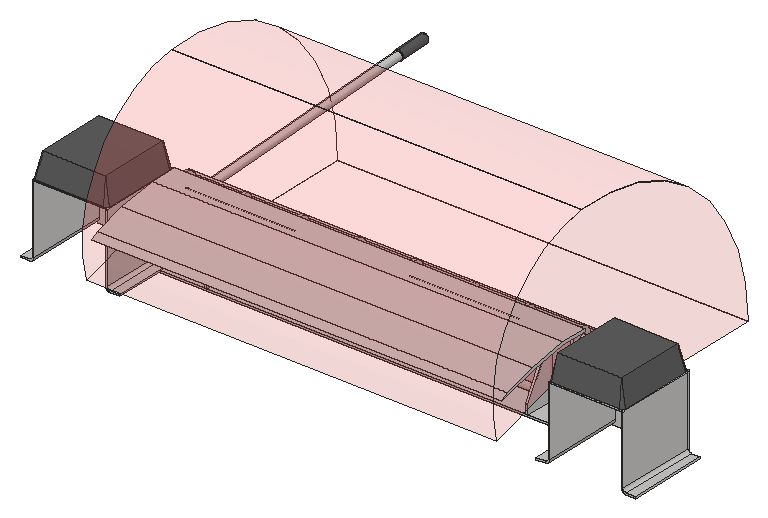
Revit family "Dock-Levelers_OHD_Edge-dock-leveler-REV-B-1", category Specialty Equipment, host Face, Revit 2024
Family settings
  Host = Face
  Round Connector Dimension = Use Diameter
  Part Type = Normal
  OmniClass Number = 23.50.70.14.14
  OmniClass Title = Manual Dock Levelers
  Enable Cutting in Views = No
  Cut with Voids When Loaded = No
  Maintain Annotation Orientation = No
  Shared = No
  Room Calculation Point = No
Parameters (values of type "E66R")
  Width = 5' - 6"
  Version = "2.00.00"  # constant formula
  URL = "https://www.overheaddoor.com/"
  Top Plate Material = Metal - Overhead Door - Steel Checker Plate
  Shaft Angle Real [instance] = if(Shaft Angle < 0.00°, 0.00°, if(Shaft Angle > 90.00°, 90.00°, Shaft Angle))  # 0.00°
  Shaft Angle [instance] = 0.00°
  Product data url = "https://www.bimobject.com/en/overhead-door/product/edge-of-dock-leveler"
  Product Page URL = "https://www.overheaddoor.com/edge-of-dock-leveler"
  Pole Visibility [instance] = yes
  Mount Type [instance] = if(Mount < 2, "Embed", if(Mount = 2, "Formed angle", if(Mount = 3, "Face", "Transition plate")))  # "Face"
  Mount [instance] = 3  # constant formula
  Model = "Edge Dock E66R"
  Manufacturer = "Overhead Door Corporation"  # constant formula
  Main Material = Metal - Overhead Door - Steel
  Lip Type [instance] = if(Lip < 2, "15in (box projection 16in)", "17in (box projection 18in)")  # "15in (box projection 16in)"
  Lip Angle [instance] = 90.00°
  Lip [instance] = 1
  Keynote = "11 13 00"
  Description = "Overhead Door Edge of Dock Leveler"  # constant formula
  Default Elevation = 4' - 0"
  Date Updated = "2026/08/20"  # constant formula
  Date Created = "2023/07/31"  # constant formula
  Clearance [instance] = yes
  Capacity Type [instance] = if(Capacity < 2, "20k", if(Capacity = 2, "25k", "30k"))  # "20k"
  Capacity [instance] = 1
  C-chanel vis [instance] = if(Mount < 2, 1 < 2, 1 > 2)  # no
  Bumper Box Type [instance] = if(Bumper Box < 2, "Rubber Bumper Box", if(Bumper Box = 2, "Laminated Bumper Box", "Steel Faced Bumper Box"))  # "Rubber Bumper Box"
  Bumper Box [instance] = 1
  Assembly Code = "E1010.50"
Reference planes (in)
  plane 1 "Center (Front/Back)": y = 0
  plane 2: z = 0
  plane 3 "Center (Left/Right)": x = 0
  plane 4: x = -33
  plane 5: x = 33
  plane 6: x = -41.50001
  plane 7: x = 41.5
  plane 8: x = 49.50001
  plane 9: x = -49.5
  plane 10: x = -26
  plane 11: x = 26
  plane 12: x = -27.25
  plane 13: x = -16.35
  plane 14: x = -5.45
  plane 15: x = 5.45
  plane 16: x = 16.35
  plane 17: x = 27.25
  plane 18: z = 0.9375
  plane 19: y = -0.375
Forms (in)
  Extrusion 1, solid, material "Metal - Overhead Door - Steel" <- "Main Material", visible <- "C-chanel vis"
    sketch origin (0, 0, 0) x (0, 1, 0) y (0, 0, 1)
      loop
        line (0, 0) -> (-8.01385, 0) -> (-8.01385, -1.5)
        arc (-8.01385, -1.5) -> (-7.90361, -1.48024) -> (-7.84326, -1.38589) r 0.13978
        line (-7.84326, -1.38589) -> (-7.68903, -0.41067)
        arc (-7.68903, -0.41067) -> (-7.62464, -0.29564) -> (-7.50095, -0.25) r 0.19042
        line (-7.50095, -0.25) -> (-0.5129, -0.25)
        arc (-0.5129, -0.25) -> (-0.38922, -0.29564) -> (-0.32482, -0.41067) r 0.19042
        line (-0.32482, -0.41067) -> (-0.17059, -1.38589)
        arc (-0.17059, -1.38589) -> (-0.11024, -1.48024) -> (0, -1.5) r 0.13978
        line (0, -1.5) -> (0, 0)
    from -49.5 to 49.50001
  Extrusion 2, solid, material "Metal - Overhead Door - Steel" <- "Main Material"
    sketch origin (0, 0, 0) x (0, 1, 0) y (0, 0, 1)
      loop
        line (-0.25, 0.3125) -> (-5.5, 0.3125) -> (-5.5, 0) -> (-0.25, 0) -> (-0.25, 0.3125)
    from -33 to 33
  Extrusion 3, solid, material "Metal - Overhead Door - Steel" <- "Main Material"
    sketch origin (0, 0, 0) x (0, 1, 0) y (0, 0, 1)
      loop
        line (-0.75, 8.3125) -> (-1.75, 8.3125) -> (-5.5, 1.8125) -> (-5.5, 0.3125) -> (-1.125, 0.3125) -> (-1.125, 1.93734) -> (-1, 2.15401) -> (-0.75, 2.1875) -> (-0.75, 8.3125)
    from -26 to -25.625
  Extrusion 4, solid, material "Metal - Overhead Door - Steel" <- "Main Material"
    sketch origin (0, 0, 0) x (0, 1, 0) y (0, 0, -1)
      loop
        line (-0.75, -8.3125) -> (-0.75, -2.1875) -> (-1, -2.15401) -> (-1.125, -1.93734) -> (-1.125, -0.3125) -> (-5.5, -0.3125) -> (-5.5, -1.8125) -> (-1.75, -8.3125) -> (-0.75, -8.3125)
    from -26 to -25.625
  Extrusion 5, solid, material "Metal - Overhead Door - Steel" <- "Main Material"
    sketch origin (0, 0, 0) x (0, 1, 0) y (0, 0, 1)
      loop
        circle (-0.375, 0.9375) r 0.62941
    from -33 to 33
  Extrusion 6, void
    sketch origin (0, 0, 0) x (1, 0, 0) y (0, 0, 1)
      loop
        line (-27.25, 0) -> (-16.35, 0) -> (-16.35, 2.84462) -> (-27.25, 2.84462) -> (-27.25, 0)
      loop
        line (-5.45, 0) -> (5.45, 0) -> (5.45, 2.84462) -> (-5.45, 2.84462) -> (-5.45, 0)
      loop
        line (16.35, 0) -> (27.25, 0) -> (27.25, 2.84462) -> (16.35, 2.84462) -> (16.35, 0)
    from -4.87956 to 8.01385
  Extrusion 7, solid, material "Clearance - Overhead Door - Red", visible <- "Clearance"
    sketch origin (0, 0, 0) x (0, 1, 0) y (0, 0, 1)
      loop
        line (-0.99096, 0.55272) -> (30.12015, 0.55272)
        arc (30.12015, 0.55272) -> (20.27848, 23.37712) -> (-3.28207, 31.29621) r 30.49758
        arc (-3.28207, 31.29621) -> (-17.86791, 22.358) -> (-20.39644, 5.43923) r 20.23892
        line (-20.39644, 5.43923) -> (-0.99096, 11.18739) -> (-0.99096, 0.55272)
    from -33 to 33
Cuts and joins
  Extrusion 6 cuts Extrusion 5
Lines and regions (in)
  Masking region 1, visible <- "C-chanel vis"
    outline origin (0, 0, 0) x (1, 0, 0) y (0, 0, 1)
      loop
        line (-49.5, 0) -> (-49.5, -1.5) -> (49.50001, -1.5) -> (49.50001, 0) -> (-49.5, 0)
  Masking region 2
    outline origin (0, 0, 0) x (1, 0, 0) y (0, 0, 1)
      loop
        line (33, 0.3125) -> (-33, 0.3125) -> (-33, 0) -> (33, 0) -> (33, 0.3125)
  Masking region 3
    outline origin (0, 0, 0) x (1, 0, 0) y (0, 0, 1)
      loop
        line (27.25, 1.4437) -> (27.25, 0.3125) -> (33, 0.3125) -> (33, 1.4437) -> (27.25, 1.4437)
      loop
        line (5.45, 1.4437) -> (5.45, 0.30809) -> (16.35, 0.30809) -> (16.35, 1.4437) -> (5.45, 1.4437)
      loop
        line (-16.35, 1.4437) -> (-16.35, 0.30809) -> (-5.45, 0.30809) -> (-5.45, 1.4437) -> (-16.35, 1.4437)
      loop
        line (-33, 1.4437) -> (-33, 0.30809) -> (-27.25, 0.30809) -> (-27.25, 1.4437) -> (-33, 1.4437)
  reference lines
    curve 1: line (0, -0.375, 0.9375) -> (0, -0.375, 18.9375)
Dimensions and locks (in)
  equal spacing: plane 4, plane 3 "Center (Left/Right)", plane 5
  "Width": plane 4 to plane 5
  plane 9 to plane 6 to plane 4 = 0' - 8" locked, 0' - 8 1/2" locked
  plane 5 to plane 7 to plane 8 = 0' - 8 1/2" locked, 0' - 8"
  locked: plane 4 to plane 10 at 7
  locked: plane 10 to Extrusion 3 at 0.375
  locked: plane 11 to Extrusion 4 at 0.375
  locked: plane 11 to plane 5 at 7
  locked: plane 17 to plane 5 at 5.75
  locked: plane 4 to plane 12 at 5.75
  equal spacing: plane 12, plane 13, plane 14, plane 15, plane 16, plane 17
  locked: plane 1 "Center (Front/Back)" to plane 19 at 0.375
  locked: plane 18 to level at 0.9375
  "Shaft Angle Real": angle plane 19 to curve 1
  aligned and locked: host face to plane 2
  aligned and locked: host face to level
  aligned and locked: plane 8 to Extrusion 1
  aligned and locked: plane 9 to Extrusion 1
  aligned and locked: Extrusion 2 to plane 4
  aligned and locked: plane 5 to Extrusion 2
  aligned and locked: plane 10 to Extrusion 3
  aligned and locked: plane 11 to Extrusion 4
  aligned and locked: Extrusion 5 to plane 4
  aligned and locked: plane 5 to Extrusion 5
  aligned and locked: plane 12 to Extrusion 6 sketch curve
  aligned and locked: Extrusion 6 sketch curve to plane 13
  aligned and locked: plane 14 to Extrusion 6 sketch curve
  aligned and locked: Extrusion 6 sketch curve to plane 15
  aligned and locked: plane 16 to Extrusion 6 sketch curve
  aligned and locked: Extrusion 6 sketch curve to plane 17
  aligned and locked: plane 18 to curve 1
  aligned and locked: plane 19 to curve 1
  aligned and locked: nested 1 to curve 1
  aligned and locked: nested 2 to plane 6
  aligned and locked: nested 3 to plane 7
  aligned and locked: Extrusion 7 to plane 4
  aligned and locked: plane 5 to Extrusion 7
  aligned and locked: Masking region 1 sketch curve to Extrusion 1  (x4)
  aligned and locked: Masking region 2 sketch curve to Extrusion 2  (x2)
  aligned and locked: Extrusion 2 to Masking region 2 sketch curve
  aligned and locked: plane 5 to Masking region 2 sketch curve
  aligned and locked: nested 1 to Masking region 3 sketch curve  (x3)
  aligned and locked: Masking region 3 sketch curve to nested 1  (x3)
  aligned and locked: Masking region 3 sketch curve to Extrusion 2  (x2)
  aligned and locked: Masking region 3 sketch curve to plane 15
  aligned and locked: cut or joined group of Extrusion 5, Extrusion 6 to Masking region 3 sketch curve  (x3)
  aligned and locked: Masking region 3 sketch curve to plane 13
  aligned and locked: Masking region 3 sketch curve to Masking region 3 sketch curve
Automatic sketch dimensions
  host sketch curve to host sketch curve = 15' - 7.1098"
  host sketch curve to host sketch curve = 8' - 0"
  Extrusion 1 sketch curve to level = 0' - 0"
  Extrusion 1 sketch curve to plane 1 "Center (Front/Back)" = 0' - 0"
  plane 1 "Center (Front/Back)" to Extrusion 1 sketch curve = 0' - 0.03253"
  Extrusion 1 sketch curve to Extrusion 1 sketch curve = 0' - 0.13806"  (x2)
  plane 1 "Center (Front/Back)" to Extrusion 1 sketch curve = 0' - 0.32482"
  Extrusion 1 sketch curve to Extrusion 1 sketch curve = 0' - 0.18808"  (x2)
  Extrusion 1 sketch curve to level = 0' - 0.44042"
  Extrusion 1 sketch curve to Extrusion 1 sketch curve = 0' - 6.98806"
  Extrusion 1 sketch curve to level = 0' - 0.41067"
  Extrusion 1 sketch curve to level = 0' - 1.38589"
  Extrusion 1 sketch curve to Extrusion 1 sketch curve = 0' - 0.15423"
  Extrusion 1 sketch curve to Extrusion 1 sketch curve = 0' - 0.32482"
  Extrusion 1 sketch curve to Extrusion 1 sketch curve = 0' - 1.13589"
  Extrusion 1 sketch curve to Extrusion 1 sketch curve = 0' - 0.11411"  (x2)
  Extrusion 1 sketch curve to Extrusion 1 sketch curve = 0' - 0.19042"
  Extrusion 2 sketch curve to level = 0' - 0"
  level to Extrusion 2 sketch curve = 0' - 0 5/16"
  plane 1 "Center (Front/Back)" to Extrusion 2 sketch curve = 0' - 5 1/2"
  plane 1 "Center (Front/Back)" to Extrusion 2 sketch curve = 0' - 0 1/4"
  level to Extrusion 3 sketch curve = 0' - 0 5/16"
  plane 1 "Center (Front/Back)" to Extrusion 3 sketch curve = 0' - 5 1/2"
  plane 1 "Center (Front/Back)" to Extrusion 3 sketch curve = 0' - 1 3/4"
  plane 1 "Center (Front/Back)" to Extrusion 3 sketch curve = 0' - 1 1/8"
  Extrusion 3 sketch curve to Extrusion 3 sketch curve = 0' - 0 1/8"
  Extrusion 3 sketch curve to Extrusion 3 sketch curve = 0' - 0 1/4"
  Extrusion 3 sketch curve to Extrusion 3 sketch curve = 0' - 1 1/2"
  Extrusion 3 sketch curve to Extrusion 3 sketch curve = 0' - 1.62484"
  Extrusion 3 sketch curve to Extrusion 3 sketch curve = 0' - 0.21667"
  Extrusion 3 sketch curve to Extrusion 3 sketch curve = 0' - 0.03349"
  Extrusion 3 sketch curve to Extrusion 3 sketch curve = 0' - 6.15849"
  level to Extrusion 4 sketch curve = 0' - 0 5/16"
  plane 1 "Center (Front/Back)" to Extrusion 4 sketch curve = 0' - 5 1/2"
  plane 1 "Center (Front/Back)" to Extrusion 4 sketch curve = 0' - 1 3/4"
  plane 1 "Center (Front/Back)" to Extrusion 4 sketch curve = 0' - 1 1/8"
  Extrusion 4 sketch curve to Extrusion 4 sketch curve = 0' - 0 1/8"
  Extrusion 4 sketch curve to Extrusion 4 sketch curve = 0' - 0 1/4"
  Extrusion 4 sketch curve to Extrusion 4 sketch curve = 0' - 1 1/2"
  Extrusion 4 sketch curve to Extrusion 4 sketch curve = 0' - 1.62484"
  Extrusion 4 sketch curve to Extrusion 4 sketch curve = 0' - 0.21667"
  Extrusion 4 sketch curve to Extrusion 4 sketch curve = 0' - 0.03349"
  Extrusion 4 sketch curve to Extrusion 4 sketch curve = 0' - 6 1/8"
  plane 1 "Center (Front/Back)" to Extrusion 5 sketch curve = 0' - 0 3/8"
  level to Extrusion 5 sketch curve = 0' - 0 15/16"
  Extrusion 6 sketch curve to level = 0' - 0"  (x3)
  level to Extrusion 6 sketch curve = 0' - 2.84462"  (x2)
  Extrusion 6 sketch curve to Extrusion 6 sketch curve = 0' - 2.84462"
  Extrusion 7 sketch curve to plane 18 = 0' - 0"
  Extrusion 7 sketch curve to plane 19 = 0' - 0"
  plane 19 to Extrusion 7 sketch curve = 0' - 0.61596"
  Extrusion 7 sketch curve to Extrusion 7 sketch curve = 0' - 0"  (x2)
  plane 18 to Extrusion 7 sketch curve = 0' - 4.50173"
  plane 19 to Extrusion 7 sketch curve = 1' - 8.02144"
  plane 18 to Extrusion 7 sketch curve = 0' - 10.24989"
  plane 19 to Extrusion 7 sketch curve = 0' - 2.90707"
  Extrusion 7 sketch curve to plane 18 = 0' - 0.38478"
  level to Masking region 3 sketch curve = 0' - 0 5/16"
  level to Masking region 3 sketch curve = 0' - 0.30809"  (x2)
  radius of Extrusion 5 sketch curve = 0' - 0.62941"
Nested families (in)
  nested 1: "Shaft" at (0, -0.375, 0.9375) x (1, 0, 0) z (0, 1, 0), type "Shaft"
    with Real Lip Angle 90.00°, Lip Angle 90.00°
  nested 2: "Bumper Box" at (-41.50001, 0, 0) x (-1, 0, 0) z (0, 1, 0), type "Bumper Box"
  nested 3: "Bumper Box" at (41.5, 0, 0) x (-1, 0, 0) z (0, 1, 0), type "Bumper Box"
Definition of nested family "Shaft"
  Parameters (values of type "Shaft")
    Real Lip Angle = if(Lip Angle < 0.00°, 0.00°, if(Lip Angle > 100.00°, 100.00°, Lip Angle))  # 0.00°
    Pole Vis = yes
    Plate Material = none
    Lip Length = 5' - 6"
    Lip Angle = 0.00°
    Lip = 1
    Hinges Material = none
    Default Elevation = 4' - 0"
    17in = if(Lip < 2, 1 > 2, 1 < 2)  # no
  Reference planes (in)
    plane 1 "Center (Front/Back)": y = 0
    plane 2: z = 0
    plane 3 "Center (Left/Right)": x = 0
    plane 4: x = -33
    plane 5: x = 33
    plane 6: x = -27.25
    plane 7: x = 27.25
    plane 8: x = -16.35
    plane 9: x = -5.45
    plane 10: x = 5.45
    plane 11: x = 16.35
    plane 12: x = -32
    plane 13: x = 32
    plane 14: x = -22.85714
    plane 15: x = -13.71429
    plane 16: x = -4.57143
    plane 17: x = 4.57143
    plane 18: x = 13.71429
    plane 19: x = 22.85714
    plane 20: x = -3.07143
    plane 21: x = 3.57143
    plane 22: y = -11.01221
    plane 23: z = -1.6676
    plane 24: x = -33.5
  Forms (in)
    Extrusion 1, void
      sketch origin (0, 0, 0) x (1, 0, 0) y (0, 1, 0)
        loop
          line (-33, 1.24372) -> (-33, -4.22798) -> (-27.25, -4.22798) -> (-27.25, 1.24372) -> (-33, 1.24372)
        loop
          line (-16.35, 1.24372) -> (-16.35, -3.7449) -> (-5.45, -3.7449) -> (-5.45, 1.24372) -> (-16.35, 1.24372)
        loop
          line (5.45, 1.24372) -> (5.45, -3.5889) -> (16.35, -3.5889) -> (16.35, 1.24372) -> (5.45, 1.24372)
        loop
          line (27.25, 1.24372) -> (27.25, -3.54878) -> (33, -3.54878) -> (33, 1.24372) -> (27.25, 1.24372)
      from -2.80431 to 2.84425
    Extrusion 2, solid, material <- "Hinges Material"
      sketch origin (0, 0, 0) x (0, 1, 0) y (0, 0, 1)
        loop
          circle (0, 0) r 0.6327
      from -33 to 33
    Extrusion 3, solid, material <- "Hinges Material"
      sketch origin (0, -0.76232, -1.05164) x (0, 1, 0) y (0, 0, 1)
        loop
          circle (-10.24989, -0.61596) r 0.63063
      from -33 to -3.07143
    Extrusion 4, solid, material <- "Plate Material"
      sketch origin (0, 0, 0) x (0, 1, 0) y (0, 0, 1)
        loop
          line (-0.5062, 0.38478) -> (-11.62469, 0.38478) -> (-11.62471, 0.00449) -> (-0.5062, 0.00449) -> (-0.5062, 0.38478)
      from -33 to 33
    Extrusion 5, solid, material <- "Hinges Material"
      sketch origin (0, 0, 0) x (0, 1, 0) y (0, 0, 1)
        loop
          line (-5.12488, 0.00848) -> (-8.87478, 0.00848) -> (-8.87503, -3.99028) -> (-7.47633, -6.9903) -> (-5.1253, -6.78476) -> (-5.12488, 0.00848)
      from -33 to -32.74901
    Extrusion 6, solid, material <- "Hinges Material"
      sketch origin (0, 0, 0) x (1, 0, 0) y (0, 1, 0)
        loop
          line (-33, -5.9198) -> (-34.25, -5.9198) -> (-34.25, -7.61259) -> (-33, -7.61259) -> (-33, -7.36259) -> (-34, -7.36259) -> (-34, -6.1698) -> (-33, -6.1698) -> (-33, -5.9198)
      from -6.64965 to 0
    Extrusion 7, solid, material <- "Hinges Material"
      sketch origin (0, 0, 0.32812) x (0, 1, 0) y (0, 0, 1)
        loop
          arc (-11.01221, -0.32791) -> (-12.62515, -2.42002) -> (-10.19154, -3.44766) r 1.66781
          line (-10.19154, -3.44766) -> (-5.76221, -0.94408) -> (-5.76221, -0.32791) -> (-11.01221, -0.32791)
      from -32 to -31.5
    Extrusion 8, solid, material <- "Hinges Material"
      sketch origin (9.14286, 0.00601, 0.32812) x (0, 1, 0) y (0, 0, 1)
        loop
          arc (-11.01221, -0.32791) -> (-12.62515, -2.42002) -> (-10.19154, -3.44766) r 1.66781
          line (-10.19154, -3.44766) -> (-5.76221, -0.94408) -> (-5.76221, -0.32791) -> (-11.01221, -0.32791)
      from -32 to -31.5
    Extrusion 9, solid, material <- "Hinges Material"
      sketch origin (18.28571, 0.00601, 0.32812) x (0, 1, 0) y (0, 0, 1)
        loop
          arc (-11.01221, -0.32791) -> (-12.62515, -2.42002) -> (-10.19154, -3.44766) r 1.66781
          line (-10.19154, -3.44766) -> (-5.76221, -0.94408) -> (-5.76221, -0.32791) -> (-11.01221, -0.32791)
      from -32 to -31.5
    Extrusion 10, solid, material <- "Hinges Material"
      sketch origin (27.42857, 0.00601, 0.32812) x (0, 1, 0) y (0, 0, 1)
        loop
          arc (-11.01221, -0.32791) -> (-12.62515, -2.42002) -> (-10.19154, -3.44766) r 1.66781
          line (-10.19154, -3.44766) -> (-5.76221, -0.94408) -> (-5.76221, -0.32791) -> (-11.01221, -0.32791)
      from -32 to -31.5
    Extrusion 11, solid, material <- "Hinges Material"
      sketch origin (36.57143, 0.00601, 0.32812) x (0, 1, 0) y (0, 0, 1)
        loop
          arc (-11.01221, -0.32791) -> (-12.62515, -2.42002) -> (-10.19154, -3.44766) r 1.66781
          line (-10.19154, -3.44766) -> (-5.76221, -0.94408) -> (-5.76221, -0.32791) -> (-11.01221, -0.32791)
      from -32 to -31.5
    Extrusion 12, solid, material <- "Hinges Material"
      sketch origin (45.71429, 0.00601, 0.32812) x (0, 1, 0) y (0, 0, 1)
        loop
          arc (-11.01221, -0.32791) -> (-12.62515, -2.42002) -> (-10.19154, -3.44766) r 1.66781
          line (-10.19154, -3.44766) -> (-5.76221, -0.94408) -> (-5.76221, -0.32791) -> (-11.01221, -0.32791)
      from -32 to -31.5
    Extrusion 13, solid, material <- "Hinges Material"
      sketch origin (54.85714, 0.00601, 0.32812) x (0, 1, 0) y (0, 0, 1)
        loop
          arc (-11.01221, -0.32791) -> (-12.62515, -2.42002) -> (-10.19154, -3.44766) r 1.66781
          line (-10.19154, -3.44766) -> (-5.76221, -0.94408) -> (-5.76221, -0.32791) -> (-11.01221, -0.32791)
      from -32 to -31.5
    Extrusion 14, solid, material <- "Hinges Material"
      sketch origin (63.5, 0.00601, 0.32812) x (0, 1, 0) y (0, 0, 1)
        loop
          arc (-11.01221, -0.32791) -> (-12.62515, -2.42002) -> (-10.19154, -3.44766) r 1.66781
          line (-10.19154, -3.44766) -> (-5.76221, -0.94408) -> (-5.76221, -0.32791) -> (-11.01221, -0.32791)
      from -32 to -31.5
    Extrusion 15, solid, material <- "Hinges Material"
      sketch origin (35.82143, -0.76232, -1.05164) x (0, 1, 0) y (0, 0, 1)
        loop
          circle (-10.24989, -0.61596) r 0.63063
      from -32.25 to -2.82143
    Revolve 16, solid, material <- "Hinges Material", visible <- "Pole Vis"
      sketch origin (-33.5, -180.03125, 0) x (0, 0, 1) y (0, -1, 0)
        loop
          line (-6.64053, -173.60916) -> (48.34851, -170.72731) -> (48.3124, -170.03833)
          arc (48.3124, -170.03833) -> (48.2918, -169.99516) -> (48.24671, -169.97919) r 0.0625
          line (48.24671, -169.97919) -> (43.25356, -170.24087)
          arc (43.25356, -170.24087) -> (43.21039, -170.26146) -> (43.19442, -170.30655) r 0.0625
          line (43.19442, -170.30655) -> (43.19782, -170.37139) -> (-6.67324, -172.98502) -> (-6.64053, -173.60916)
        axis (-6.64053, -173.60916) -> (48.34851, -170.72731)
      angle from 0 to 360
  Cuts and joins
    Extrusion 1 cuts Extrusion 2
    Extrusion 1 cuts Extrusion 3
  Lines and regions (in)
    Masking region 1
      outline origin (0, 0, 0) x (1, 0, 0) y (0, 1, 0)
        loop
          line (-33, -0.5062) -> (-33, -11.62471) -> (33, -11.62471) -> (33, -0.5062) -> (27.25, -0.5062) -> (27.25, 0.6327) -> (16.35, 0.6327) -> (16.35, -0.5062) -> (5.45, -0.5062) -> (5.45, 0.6327) -> (-5.45, 0.6327) -> (-5.45, -0.5062) -> (-16.35, -0.5062) -> (-16.35, 0.6327) -> (-27.25, 0.6327) -> (-27.25, -0.5062) -> (-33, -0.5062)
    Masking region 2
      outline origin (0, 0, 0) x (1, 0, 0) y (0, 1, 0)
        loop
          line (-33, -5.9198) -> (-34.25, -5.9198) -> (-34.25, -7.61259) -> (-33, -7.61259) -> (-33, -7.36259) -> (-34, -7.36259) -> (-34, -6.1698) -> (-33, -6.1698) -> (-33, -5.9198)
    Masking region 3, visible <- "Pole Vis"
      outline origin (-33.5, 0, 0) x (0, -1, 0) y (1, 0, 0)
        loop
          arc (9.03718, 0.74855) -> (8.82209, 0.71705) -> (8.62506, 0.62519) r 0.75008
          line (8.62506, 0.62519) -> (7.9604, 0.62519) -> (6.1698, 0.5) -> (5.91932, 0.5) -> (5.91932, 0.3703)
          spline (5.91932, 0.3703) -> (5.88313, 0.31504) -> (5.85296, 0.25627) -> (5.82916, 0.19464) -> (5.81198, 0.13084) -> (5.80162, 0.06557) -> (5.79819, -0.00043) -> (5.80174, -0.06642) -> (5.81222, -0.13166) -> (5.82952, -0.19543) -> (5.85344, -0.25702) -> (5.88371, -0.31574) -> (5.92, -0.37092)
          line (5.92, -0.37092) -> (5.92, -0.75) -> (7.61259, -0.75) -> (7.61259, -0.625) -> (8.62016, -0.625)
          arc (8.62016, -0.625) -> (8.81927, -0.71927) -> (9.03718, -0.75162) r 0.75
          line (9.03718, -0.75162) -> (9.29191, -0.75162)
          arc (9.29191, -0.75162) -> (10.04191, -0.00162) -> (9.29191, 0.74838) r 0.75
        loop
          line (9.29191, 0.75162) -> (9.03718, 0.75162)
    symbolic lines
      curve 1: line (-27.25, -0.5062, 0) -> (27.25, -0.5062, 0)
    reference lines
      curve 2: line (0, -11.01221, -1.6676) -> (0, -33.26221, -1.6676)
      curve 3: line (-33.5, 0, 0) -> (-33.5, -1.5, 0)
    symbolic lines, visible <- "Pole Vis"
      curve 4: arc (-32.75029, -9.28116, 0) -> (-33.50029, -8.53116, 0) -> (-34.25029, -9.28116, 0) r 0.75
      curve 5: arc (-32.75029, -9.02644, 0) -> (-33.50029, -8.27644, 0) -> (-34.25029, -9.02644, 0) r 0.75
      curve 6: arc (-33.87216, -5.92, 0) -> (-33.50048, -5.79707, 0) -> (-33.12857, -5.91932, 0) r 0.62509
      curve 7: line (-33, -6.1698, 0) -> (-34.125, -6.1698, 0)
      curve 8: line (-34.125, -6.1698, 0) -> (-34.125, -7.61259, 0)
      curve 9: arc (-34.125, -6.4198, 0) -> (-34.0929, -6.2796, 0) -> (-34, -6.1698, 0) r 0.30429
      curve 10: line (-33, -5.9198, 0) -> (-33, -6.1698, 0)
  Dimensions and locks (in)
    equal spacing: plane 4, plane 3 "Center (Left/Right)", plane 5
    "Lip Length": plane 4 to plane 5
    locked: plane 4 to plane 6 at 5.75
    locked: plane 7 to plane 5 at 5.75
    equal spacing: plane 6, plane 8, plane 9, plane 10, plane 11, plane 7
    locked: plane 4 to Extrusion 5 at 0.25099
    locked: Extrusion 6 sketch curve to plane 4 at 1.25
    locked: Extrusion 6 sketch curve to Extrusion 6 sketch curve at 0.25
    locked: plane 4 to plane 12 at 1
    locked: plane 13 to plane 5 at 1
    equal spacing: plane 12, plane 14, plane 15, plane 16, plane 17, plane 18, plane 19, plane 13
    locked: plane 12 to Extrusion 7 at 0.5
    locked: Extrusion 14 to plane 13 at 0.5
    locked: plane 19 to Extrusion 13 at 0.5
    locked: plane 18 to Extrusion 12 at 0.5
    locked: plane 17 to Extrusion 11 at 0.5
    locked: plane 16 to Extrusion 10 at 0.5
    locked: plane 15 to Extrusion 9 at 0.5
    locked: plane 14 to Extrusion 8 at 0.5
    locked: plane 16 to plane 20 at 1.5
    locked: plane 21 to plane 17 at 1
    locked: plane 4 to plane 24 at 0.5
    locked: curve 3 to curve 3 at 1.5
    "Real Lip Angle": angle curve 2 to plane 23
    aligned and locked: plane 2 to level
    aligned and locked: Extrusion 4 to plane 4
    aligned and locked: plane 5 to Extrusion 4
    aligned and locked: Extrusion 3 to plane 4
    aligned and locked: plane 5 to Extrusion 2
    aligned and locked: Extrusion 2 to plane 4
    aligned and locked: plane 4 to Extrusion 1 sketch curve
    aligned and locked: Extrusion 1 sketch curve to plane 6
    aligned and locked: plane 8 to Extrusion 1 sketch curve
    aligned and locked: Extrusion 1 sketch curve to plane 9
    aligned and locked: Extrusion 1 sketch curve to plane 5
    aligned and locked: plane 7 to Extrusion 1 sketch curve
    aligned and locked: Masking region 1 sketch curve to Extrusion 4  (x3)
    aligned and locked: cut or joined group of Extrusion 1, Extrusion 2 to Masking region 1 sketch curve  (x3)
    aligned and locked: Masking region 1 sketch curve to cut or joined group of Extrusion 1, Extrusion 2  (x3)
    aligned and locked: Extrusion 5 to plane 4
    aligned and locked: Extrusion 6 sketch curve to plane 4  (x2)
    aligned and locked: level to Extrusion 6
    aligned and locked: Masking region 2 sketch curve to Extrusion 6  (x8)
    aligned and locked: nested 1 to curve 2
    aligned and locked: Extrusion 7 to plane 12
    aligned and locked: Extrusion 8 to plane 14
    aligned and locked: Extrusion 9 to plane 15
    aligned and locked: Extrusion 10 to plane 16
    aligned and locked: Extrusion 11 to plane 17
    aligned and locked: Extrusion 12 to plane 18
    aligned and locked: Extrusion 13 to plane 19
    aligned and locked: plane 13 to Extrusion 14
    aligned and locked: Extrusion 3 to plane 20
    aligned and locked: plane 21 to Extrusion 15
    aligned and locked: plane 5 to Extrusion 15
    aligned and locked: plane 22 to curve 2
    aligned and locked: plane 23 to curve 2
    aligned and locked: plane 1 "Center (Front/Back)" to curve 3
    aligned and locked: curve 3 to plane 24
  Automatic sketch dimensions
    Extrusion 1 sketch curve to plane 10 = 0' - 0"
    Extrusion 1 sketch curve to plane 11 = 0' - 0"
    plane 1 "Center (Front/Back)" to Extrusion 1 sketch curve = 0' - 3.54878"
    plane 1 "Center (Front/Back)" to Extrusion 1 sketch curve = 0' - 4.22798"
    plane 1 "Center (Front/Back)" to Extrusion 1 sketch curve = 0' - 3.5889"
    plane 1 "Center (Front/Back)" to Extrusion 1 sketch curve = 0' - 3.7449"
    Extrusion 1 sketch curve to plane 1 "Center (Front/Back)" = 0' - 1.24372"  (x4)
    Extrusion 6 sketch curve to Extrusion 6 sketch curve = 0' - 0 1/4"  (x2)
    Extrusion 6 sketch curve to Extrusion 6 sketch curve = 0' - 1.19279"
    plane 1 "Center (Front/Back)" to Extrusion 6 sketch curve = 0' - 7.61259"
    Extrusion 3 sketch curve to plane 22 = 0' - 0"
    Extrusion 3 sketch curve to plane 23 = 0' - 0"
    Extrusion 15 sketch curve to plane 22 = 0' - 0"
    Extrusion 15 sketch curve to plane 23 = 0' - 0"
    curve 1 to plane 6 = 0' - 0"
    curve 1 to plane 7 = 0' - 0"
    plane 1 "Center (Front/Back)" to curve 1 = 0' - 0.5062"
    Extrusion 2 sketch curve to level = 0' - 0"
    Extrusion 2 sketch curve to plane 1 "Center (Front/Back)" = 0' - 0"
    level to Extrusion 4 sketch curve = 0' - 0.00449"
    plane 22 to Extrusion 4 sketch curve = 0' - 0.6125"
    Extrusion 4 sketch curve to Extrusion 4 sketch curve = 0' - 0.00002"
    plane 1 "Center (Front/Back)" to Extrusion 4 sketch curve = 0' - 0.5062"
    Extrusion 4 sketch curve to Extrusion 4 sketch curve = 0' - 0.38028"
    plane 22 to Masking region 1 sketch curve = 0' - 0.6125"
    plane 1 "Center (Front/Back)" to Masking region 1 sketch curve = 0' - 0.5062"  (x3)
    Masking region 1 sketch curve to plane 1 "Center (Front/Back)" = 0' - 0.6327"  (x3)
    Extrusion 5 sketch curve to plane 22 = 0' - 2.13718"
    level to Extrusion 5 sketch curve = 0' - 0.00848"
    Extrusion 5 sketch curve to plane 22 = 0' - 2.13743"
    Extrusion 5 sketch curve to Extrusion 5 sketch curve = 0' - 1.3987"
    Extrusion 5 sketch curve to Extrusion 5 sketch curve = 0' - 2.35103"
    Extrusion 5 sketch curve to Extrusion 5 sketch curve = 0' - 3.74991"
    Extrusion 5 sketch curve to plane 23 = 0' - 2.32268"
    Extrusion 5 sketch curve to Extrusion 5 sketch curve = 0' - 2.79448"
    Extrusion 5 sketch curve to Extrusion 5 sketch curve = 0' - 0.20554"
    Extrusion 7 sketch curve to plane 22 = 0' - 0"
    Extrusion 7 sketch curve to plane 23 = 0' - 0"
    Extrusion 7 sketch curve to plane 22 = 0' - 0.82067"
    Extrusion 7 sketch curve to level = 0' - 0.61596"
    Extrusion 7 sketch curve to Extrusion 7 sketch curve = 0' - 4.42933"
    Extrusion 7 sketch curve to plane 23 = 0' - 1.45193"
    Extrusion 8 sketch curve to plane 23 = 0' - 0"
    level to Extrusion 8 sketch curve = 0' - 0.00021"
    Extrusion 8 sketch curve to plane 22 = 0' - 0.00601"
    Extrusion 8 sketch curve to plane 22 = 0' - 0.82668"
    Extrusion 8 sketch curve to level = 0' - 0.61596"
    Extrusion 8 sketch curve to Extrusion 8 sketch curve = 0' - 4.42933"
    Extrusion 9 sketch curve to plane 23 = 0' - 0"
    level to Extrusion 9 sketch curve = 0' - 0.00021"
    Extrusion 9 sketch curve to plane 22 = 0' - 0.00601"
    Extrusion 9 sketch curve to plane 22 = 0' - 0.82668"
    Extrusion 9 sketch curve to level = 0' - 0.61596"
    Extrusion 9 sketch curve to Extrusion 9 sketch curve = 0' - 4.42933"
    Extrusion 10 sketch curve to plane 23 = 0' - 0"
    level to Extrusion 10 sketch curve = 0' - 0.00021"
    Extrusion 10 sketch curve to plane 22 = 0' - 0.00601"
    Extrusion 10 sketch curve to plane 22 = 0' - 0.82668"
    Extrusion 10 sketch curve to level = 0' - 0.61596"
    Extrusion 10 sketch curve to Extrusion 10 sketch curve = 0' - 4.42933"
    Extrusion 11 sketch curve to plane 23 = 0' - 0"
    level to Extrusion 11 sketch curve = 0' - 0.00021"
    Extrusion 11 sketch curve to plane 22 = 0' - 0.00601"
    Extrusion 11 sketch curve to plane 22 = 0' - 0.82668"
    Extrusion 11 sketch curve to level = 0' - 0.61596"
    Extrusion 11 sketch curve to Extrusion 11 sketch curve = 0' - 4.42933"
    Extrusion 12 sketch curve to plane 23 = 0' - 0"
    level to Extrusion 12 sketch curve = 0' - 0.00021"
    Extrusion 12 sketch curve to plane 22 = 0' - 0.00601"
    Extrusion 12 sketch curve to plane 22 = 0' - 0.82668"
    Extrusion 12 sketch curve to level = 0' - 0.61596"
    Extrusion 12 sketch curve to Extrusion 12 sketch curve = 0' - 4.42933"
    Extrusion 13 sketch curve to plane 23 = 0' - 0"
    level to Extrusion 13 sketch curve = 0' - 0.00021"
    Extrusion 13 sketch curve to plane 22 = 0' - 0.00601"
    Extrusion 13 sketch curve to plane 22 = 0' - 0.82668"
    Extrusion 13 sketch curve to level = 0' - 0.61596"
    Extrusion 13 sketch curve to Extrusion 13 sketch curve = 0' - 4.42933"
    Extrusion 14 sketch curve to plane 23 = 0' - 0"
    level to Extrusion 14 sketch curve = 0' - 0.00021"
    Extrusion 14 sketch curve to plane 22 = 0' - 0.00601"
    Extrusion 14 sketch curve to plane 22 = 0' - 0.82668"
    Extrusion 14 sketch curve to level = 0' - 0.61596"
    Extrusion 14 sketch curve to Extrusion 14 sketch curve = 0' - 4.42933"
    Revolve 16 sketch curve to plane 23 = 0' - 5.00564"
    Revolve 16 sketch curve to plane 22 = 0' - 4.59012"
    Revolve 16 sketch curve to Revolve 16 sketch curve = 0' - 0.03271"
    Revolve 16 sketch curve to plane 22 = 0' - 1.28751"
    level to Revolve 16 sketch curve = 3' - 7.19442"
    Revolve 16 sketch curve to plane 22 = 0' - 1.35235"
    Revolve 16 sketch curve to plane 22 = 0' - 1.22183"
    Revolve 16 sketch curve to Revolve 16 sketch curve = 0' - 0.05914"
    Revolve 16 sketch curve to Revolve 16 sketch curve = 0' - 0.00327"  (x2)
    Revolve 16 sketch curve to plane 22 = 0' - 0.96015"
    Revolve 16 sketch curve to Revolve 16 sketch curve = 0' - 4.99315"
    Revolve 16 sketch curve to plane 22 = 0' - 1.01929"
    Revolve 16 sketch curve to Revolve 16 sketch curve = 0' - 0.06241"
    Revolve 16 sketch curve to Revolve 16 sketch curve = 0' - 0"  (x2)
    Revolve 16 sketch curve to plane 22 = 0' - 1.70985"
    Revolve 16 sketch curve to Revolve 16 sketch curve = 0' - 0.03004"
    curve 3 to curve 7 = 0' - 0 5/8"
    curve 3 to curve 7 = 0' - 4.6698"
    curve 9 to curve 9 = 0' - 0.24588"
    curve 6 to curve 3 = 0' - 0.00009"
    curve 9 to curve 9 = 0' - 0.30426"
    curve 6 to curve 9 = 0' - 0.2498"
    curve 6 to curve 10 = 0' - 0.00049"
    curve 7 to curve 9 = 0' - 0 1/4"
    curve 9 to curve 8 = 0' - 1.19279"
    curve 9 to curve 6 = 0' - 0.12784"
    curve 3 to curve 5 = 0' - 0.00029"
    curve 8 to curve 5 = 0' - 1.41385"
    curve 3 to curve 4 = 0' - 0.00029"
    curve 5 to curve 4 = 0' - 0.25473"
    curve 5 to curve 5 = 0' - 0 3/4"
    curve 4 to curve 5 = 0' - 0"
    Masking region 3 sketch curve to curve 3 = 0' - 0 1/2"
    curve 3 to Masking region 3 sketch curve = 0' - 4.41932"
    curve 3 to Masking region 3 sketch curve = 0' - 0.37092"
    Masking region 3 sketch curve to Masking region 3 sketch curve = 0' - 0.00068"
    curve 3 to Masking region 3 sketch curve = 0' - 0 5/8"
    Masking region 3 sketch curve to Masking region 3 sketch curve = 0' - 1.69259"
    Masking region 3 sketch curve to curve 3 = 0' - 0.62519"
    Masking region 3 sketch curve to Masking region 3 sketch curve = 0' - 0.34781"
    Masking region 3 sketch curve to Masking region 3 sketch curve = 0' - 1.00757"
    Masking region 3 sketch curve to Masking region 3 sketch curve = 0' - 0.66466"
    curve 3 to Masking region 3 sketch curve = 0' - 0.00162"  (x2)
    Masking region 3 sketch curve to Masking region 3 sketch curve = 0' - 0.41702"
    Masking region 3 sketch curve to Masking region 3 sketch curve = 0' - 0"  (x3)
    Masking region 3 sketch curve to Masking region 3 sketch curve = 0' - 0.25473"
    Masking region 3 sketch curve to Masking region 3 sketch curve = 0' - 0 1/8"
    Masking region 3 sketch curve to Masking region 3 sketch curve = 0' - 0.00009"
    Masking region 3 sketch curve to Masking region 3 sketch curve = 0' - 0.1297"
    Masking region 3 sketch curve to Masking region 3 sketch curve = 0' - 0.25049"
    Masking region 3 sketch curve to Masking region 3 sketch curve = 0' - 0.50222"
    Masking region 3 sketch curve to Masking region 3 sketch curve = 0' - 0.12497"
    Masking region 3 sketch curve to Masking region 3 sketch curve = 0' - 0.00307"
    curve 9 to curve 6 = 0' - 0.00648"
    curve 7 to curve 3 = 0' - 0 1/2"
    curve 10 to curve 7 = 0' - 0 1/4"
    radius of Extrusion 3 sketch curve = 0' - 0.63063"
    radius of Extrusion 15 sketch curve = 0' - 0.63063"
    radius of Extrusion 2 sketch curve = 0' - 0.6327"
  Nested families (in)
    nested 1: "Lip" at (0, -10.24772, -1.6676), type "Lip"
  Definition of nested family "Lip"
    Parameters (values of type "Lip")
      Lip Material = none
      Lip Length = 5' - 6"
      Lip Depth = 1' 6 61/256" + if([17in], 0' 2", 0' 0")  # 1' - 6 61/256"
      Hinges Material = none
      Default Elevation = 4' - 0"
      17in = no
    Reference planes (in)
      plane 1 "Center (Front/Back)": y = 0
      plane 2: z = 0
      plane 3 "Center (Left/Right)": x = 0
      plane 4: x = -33
      plane 5: x = 33
      plane 6: x = -4.5
      plane 7: x = 4.5
      plane 8: y = -18.23828
      plane 9: y = -5.80759
      plane 10: x = -31.5
      plane 11: x = 31.5
      plane 12: x = 22.5
      plane 13: x = 13.5
      plane 14: x = 4.5
      plane 15: x = -4.5
      plane 16: x = -13.5
      plane 17: x = -22.5
      plane 18: y = -0.76449
    Forms (in)
      Extrusion 1, solid, material <- "Lip Material"
        sketch origin (0, 0, 1.05337) x (0, 1, 0) y (0, 0, 1)
          loop
            line (-1.4249, 0.99989) -> (-5.95878, 0.99969) -> (-12.01483, -0.07798) -> (-17.00139, -1.41444) -> (-18.12204, -2.06154) -> (-17.12967, -1.83683) -> (-11.83144, -0.41685) -> (-5.89999, 0.62895) -> (-1.4255, 0.51067) -> (-1.4249, 0.99989)
        from -33 to 33
      Extrusion 2, solid, material <- "Hinges Material"
        sketch origin (0, 0.11719, 1.05337) x (0, 1, 0) y (0, 0, 1)
          loop
            circle (-0.88168, -1.05337) r 0.63273
        from -31.5 to 31.5
      Extrusion 3, solid, material <- "Hinges Material"
        sketch origin (0, 0, 1.05337) x (0, 1, 0) y (0, 0, 1)
          loop
            line (-1.42535, 0.62933) -> (-3.11244, 0.62426) -> (-3.11094, 0.12426) -> (-1.61095, 0.12877) -> (-1.28099, -0.6879)
            arc (-1.28099, -0.6879) -> (-0.97154, -0.45548) -> (-0.58463, -0.44675) r 0.63273
            line (-0.58463, -0.44675) -> (-1.42535, 0.62933)
        from -31.5 to 31.5
      Extrusion 4, void
        sketch origin (0, 0, 0) x (1, 0, 0) y (0, 1, 0)
          loop
            line (-4.5, 1.24372) -> (-4.5, -1.4255) -> (4.5, -1.4255) -> (4.5, 1.24372) -> (-4.5, 1.24372)
        from -2.06154 to 2.84425
    Cuts and joins
      Extrusion 4 cuts Extrusion 2
      Extrusion 4 cuts Extrusion 3
      joined: Extrusion 2, Extrusion 3
    Lines and regions (in)
      Masking region 1
        outline origin (0, 0, 0) x (1, 0, 0) y (0, 1, 0)
          loop
            line (-33, 0.63273) -> (-33, -18.12204) -> (33, -18.12204) -> (33, 0.63273) -> (25.25679, 0.63273) -> (2.92515, 0.63273) -> (-25.31208, 0.63273) -> (-33, 0.63273)
      symbolic lines
        curve 1: line (-33, -1.30275, 0) -> (33, -1.30275, 0)
        curve 2: line (-33, -5.79173, 0) -> (33, -5.79173, 0)
        curve 3: line (33, -11.80274, 0) -> (-33, -11.80274, 0)
        curve 4: line (-33, -17.05231, 0) -> (33, -17.05231, 0)
    Dimensions and locks (in)
      equal spacing: plane 4, plane 3 "Center (Left/Right)", plane 5
      "Lip Length": plane 4 to plane 5
      "Lip Depth": plane 1 "Center (Front/Back)" to plane 8
      locked: plane 9 to plane 8 at 12.43069
      Extrusion 1 sketch curve to Extrusion 1 sketch curve to plane 8 = 0' - 4.98656", 0' - 1.23689"
      locked: plane 4 to plane 10 at 1.5
      locked: plane 11 to plane 5 at 1.5
      equal spacing: plane 10, plane 17, plane 16, plane 15, plane 14, plane 13, plane 12, plane 11
      locked: Extrusion 1 sketch curve to plane 1 "Center (Front/Back)" (angle 90.0025°)
      aligned and locked: plane 2 to level
      aligned and locked: plane 5 to Extrusion 1
      aligned and locked: Extrusion 1 to plane 4
      aligned and locked: plane 6 to Extrusion 4 sketch curve
      aligned and locked: Extrusion 4 sketch curve to plane 7
      aligned and locked: Masking region 1 sketch curve to Extrusion 1  (x3)
      aligned and locked: Masking region 1 sketch curve to Masking region 1 sketch curve  (x2)
      aligned and locked: cut or joined group of Extrusion 2, Extrusion 3, Extrusion 4 to plane 10  (x2)
      aligned and locked: plane 11 to cut or joined group of Extrusion 2, Extrusion 3, Extrusion 4  (x2)
      aligned and locked: plane 6 to plane 15
      aligned and locked: plane 7 to plane 14
    Automatic sketch dimensions
      Extrusion 2 sketch curve to level = 0' - 0"
      plane 1 "Center (Front/Back)" to Extrusion 2 sketch curve = 0' - 0.76449"
      Masking region 1 sketch curve to plane 1 "Center (Front/Back)" = 0' - 0.63273"
      curve 4 to plane 4 = 0' - 0"
      curve 2 to plane 4 = 0' - 0"
      curve 3 to plane 4 = 0' - 0"
      curve 1 to plane 4 = 0' - 0"
      curve 3 to plane 5 = 0' - 0"
      curve 2 to plane 5 = 0' - 0"
      curve 4 to plane 5 = 0' - 0"
      curve 1 to plane 5 = 0' - 0"
      plane 1 "Center (Front/Back)" to curve 4 = 1' - 5.05231"
      curve 4 to curve 3 = 0' - 5.24958"
      plane 1 "Center (Front/Back)" to curve 2 = 0' - 5.79173"
      plane 1 "Center (Front/Back)" to curve 1 = 0' - 1.30275"
      Extrusion 1 sketch curve to Extrusion 1 sketch curve = 0' - 0.12828"
      plane 8 to Extrusion 1 sketch curve = 0' - 0.11624"
      level to Extrusion 1 sketch curve = 0' - 0.63651"
      Extrusion 1 sketch curve to Extrusion 1 sketch curve = 0' - 0.18339"
      plane 9 to Extrusion 1 sketch curve = 0' - 0.15118"
      plane 9 to Extrusion 1 sketch curve = 0' - 0.0924"
      level to Extrusion 1 sketch curve = 0' - 1.56404"
      plane 1 "Center (Front/Back)" to Extrusion 1 sketch curve = 0' - 1.4255"
      Extrusion 1 sketch curve to Extrusion 1 sketch curve = 0' - 0.0006"
      Extrusion 1 sketch curve to level = 0' - 0.36107"
      Extrusion 1 sketch curve to Extrusion 1 sketch curve = 0' - 0.42239"
      Extrusion 1 sketch curve to Extrusion 1 sketch curve = 0' - 0.22471"
      level to Extrusion 1 sketch curve = 0' - 0.97539"
      level to Extrusion 1 sketch curve = 0' - 1.68232"
      Extrusion 1 sketch curve to Extrusion 1 sketch curve = 0' - 0.37075"
      level to Extrusion 3 sketch curve = 0' - 1.18214"
      level to Extrusion 3 sketch curve = 0' - 1.17763"
      level to Extrusion 3 sketch curve = 0' - 1.67763"
      level to Extrusion 3 sketch curve = 0' - 1.6827"
      Extrusion 3 sketch curve to Extrusion 3 sketch curve = 0' - 0.18559"
      level to Extrusion 3 sketch curve = 0' - 0.36547"
      Extrusion 3 sketch curve to Extrusion 3 sketch curve = 0' - 0.32996"
      level to Extrusion 3 sketch curve = 0' - 0.60662"
      Extrusion 3 sketch curve to Extrusion 3 sketch curve = 0' - 0.5165"
      Extrusion 3 sketch curve to Extrusion 3 sketch curve = 0' - 0.36547"
      plane 1 "Center (Front/Back)" to Extrusion 3 sketch curve = 0' - 0.58463"
      plane 1 "Center (Front/Back)" to Extrusion 4 sketch curve = 0' - 1.4255"
      Extrusion 4 sketch curve to plane 1 "Center (Front/Back)" = 0' - 1.24372"
      Masking region 1 sketch curve to plane 7 = 0' - 1.57485"
      Masking region 1 sketch curve to plane 17 = 0' - 2.81208"
      plane 12 to Masking region 1 sketch curve = 0' - 2.75679"
      radius of Extrusion 2 sketch curve = 0' - 0.63273"
Definition of nested family "Bumper Box"
  Parameters (values of type "Bumper Box")
    z_Steel Bamper = if(Box > 2, 1 = 1, 1 = 2)  # no
    z_Steel Angles = if(Box < 2, 1 = 2, 1 = 1)  # no
    z_Rubber Box = if(Box < 2, 1 = 1, 1 = 2)  # yes
    z_Laminate Width = if(Box < 3, 0' 3 7/8", 0' 3 7/8" - 0' 0 3/8")  # 0' - 3 7/8"
    z_Laminate Start = if(Box < 3, -0' 5 95/128", -0' 5 95/128" + 0' 0 1/8")  # -0' - 5 95/128"
    z_Laminate Offset = if(Box < 3, 0' 0", 0' 0 5/8")  # 0' - 0"
    z_Laminate Masking = if(Box = 2, 1 = 1, 1 = 2)  # no
    z_Laminate End = if(Box < 3, 0' 5 65/128", 0' 5 65/128" - 0' 0 1/8")  # 0' - 5 65/128"
    z_Laminate = if(Box < 2, 1 = 2, 1 = 1)  # no
    z_Angles Thickness = if(Box < 3, 0' 0 3/8", 0' 0 1/4")  # 0' - 0 3/8"
    z_Angle Radius = if(Box < 3, 0' 0 1/4", 0' 0 3/16")  # 0' - 0 1/4"
    Ruber Material = none
    Metal Material = none
    Top Plate Material = none
    Lip = 1
    Laminated Material = none
    Default Elevation = 0' - 0"
    Bumper Box Length = if(Lip < 2, 1' 4", 1' 6")  # 1' - 4"
    Box = 1
  Reference planes (in)
    plane 1 "Center (Front/Back)": y = 0
    plane 2: z = 0
    plane 3 "Center (Left/Right)": x = 0
    plane 4: y = -16
    plane 5: y = -12.00009
    plane 6: x = -6.11745
    plane 7: x = 5.88225
    plane 8: y = -16.5
  Forms (in)
    Extrusion 1, solid, material <- "Metal Material"
      sketch origin (0, 0, 0) x (1, 0, 0) y (0, 1, 0)
        loop
          line (-8.11731, -0.00036) -> (-8.11731, -0.25035) -> (-6.61745, -0.25037)
          arc (-6.61745, -0.25037) -> (-6.2639, -0.39681) -> (-6.11745, -0.75037) r 0.5
          line (-6.11745, -0.75037) -> (-6.11745, -11.75009)
          arc (-6.11745, -11.75009) -> (-6.04423, -11.92686) -> (-5.86745, -12.00009) r 0.25
          line (-5.86745, -12.00009) -> (5.63225, -12.00009)
          arc (5.63225, -12.00009) -> (5.80903, -11.92686) -> (5.88225, -11.75009) r 0.25
          line (5.88225, -11.75009) -> (5.88225, -0.7505)
          arc (5.88225, -0.7505) -> (6.0287, -0.39695) -> (6.38225, -0.2505) r 0.5
          line (6.38225, -0.2505) -> (7.8823, -0.2505) -> (7.8823, -0.00051) -> (6.38234, -0.0005)
          arc (6.38234, -0.0005) -> (5.85192, -0.22017) -> (5.63225, -0.7505) r 0.75
          line (5.63225, -0.7505) -> (5.63225, -11.75009) -> (-5.86745, -11.75009) -> (-5.86745, -0.75037)
          arc (-5.86745, -0.75037) -> (-6.08605, -0.22111) -> (-6.61441, -0.00037) r 0.75
          line (-6.61441, -0.00037) -> (-8.11731, -0.00036)
      from -0.31487 to -13.32122
    Extrusion 2, solid, material <- "Top Plate Material"
      sketch origin (0, 0, 0) x (0, 1, 0) y (0, 0, 1)
        loop
          line (-0.00051, -0.31487) -> (-0.00051, -0.0626) -> (-12.00009, -0.0626) -> (-12.00009, -0.31487) -> (-0.00051, -0.31487)
      from -6.11745 to 5.88229
    Blend 3, solid, material <- "Ruber Material", visible <- "z_Rubber Box"
      base sketch origin (0, 0, 0) x (1, 0, 0) y (0, 0, 1)
        loop
          line (5.38224, -0.31249) -> (-5.61747, -0.31249)
          arc (-5.61747, -0.31249) -> (-5.97102, -0.45894) -> (-6.11747, -0.81249) r 0.5
          line (-6.11747, -0.81249) -> (-6.11747, -12.81217)
          arc (-6.11747, -12.81217) -> (-5.97102, -13.16573) -> (-5.61747, -13.31217) r 0.5
          line (-5.61747, -13.31217) -> (5.31564, -13.31217)
          arc (5.31564, -13.31217) -> (5.71628, -13.14622) -> (5.88224, -12.74558) r 0.5666
          line (5.88224, -12.74558) -> (5.88224, -0.81249)
          arc (5.88224, -0.81249) -> (5.73579, -0.45894) -> (5.38224, -0.31249) r 0.5
      top sketch origin (0, 0, 0) x (1, 0, 0) y (0, 0, 1)
        loop
          line (-5.25638, -1.16884) -> (-5.25638, -12.45109) -> (5.02588, -12.45109) -> (5.02588, -1.16884) -> (-5.25638, -1.16884)
      from 12.00009 to 16
    Extrusion 4, solid, material <- "Metal Material", visible <- "z_Steel Angles"
      sketch origin (0, 0, 0) x (1, 0, 0) y (0, 1, 0)
        loop
          line (-6.11745, -12.00009) -> (-6.11745, -15.00009) -> (-5.99245, -15.00009)
          arc (-5.99245, -15.00009) -> (-5.81568, -14.92686) -> (-5.74245, -14.75009) r 0.25
          line (-5.74245, -14.75009) -> (-5.74245, -12.62509)
          arc (-5.74245, -12.62509) -> (-5.66923, -12.44831) -> (-5.49245, -12.37509) r 0.25
          line (-5.49245, -12.37509) -> (-3.36745, -12.37509)
          arc (-3.36745, -12.37509) -> (-3.19068, -12.30186) -> (-3.11745, -12.12509) r 0.25
          line (-3.11745, -12.12509) -> (-3.11745, -12.00009) -> (-6.11745, -12.00009)
        loop
          line (5.88225, -12.00009) -> (2.88255, -12.00009) -> (2.88255, -12.12509)
          arc (2.88255, -12.12509) -> (2.95577, -12.30186) -> (3.13255, -12.37509) r 0.25
          line (3.13255, -12.37509) -> (5.25725, -12.37509)
          arc (5.25725, -12.37509) -> (5.43403, -12.44831) -> (5.50725, -12.62509) r 0.25
          line (5.50725, -12.62509) -> (5.50725, -14.75009)
          arc (5.50725, -14.75009) -> (5.58047, -14.92686) -> (5.75725, -15.00009) r 0.25
          line (5.75725, -15.00009) -> (5.88225, -15.00009) -> (5.88225, -12.00009)
      from -0.81641 to -12.82031
    Extrusion 5, solid, material <- "Laminated Material", visible <- "z_Laminate"
      sketch origin (0, 0, 0) x (0, 1, 0) y (0, 0, 1)
        loop
          arc (-16.5, -11.82031) -> (-16.20711, -12.52742) -> (-15.5, -12.82031) r 1
          line (-15.5, -12.82031) -> (-13.875, -12.82031)
          arc (-13.875, -12.82031) -> (-12.99112, -12.4542) -> (-12.625, -11.57031) r 1.25
          line (-12.625, -11.57031) -> (-12.625, -2.06641)
          arc (-12.625, -2.06641) -> (-12.99112, -1.18252) -> (-13.875, -0.81641) r 1.25
          line (-13.875, -0.81641) -> (-15.5, -0.81641)
          arc (-15.5, -0.81641) -> (-16.20711, -1.1093) -> (-16.5, -1.81641) r 1
          line (-16.5, -1.81641) -> (-16.5, -11.82031)
      from -5.74219 <- "z_Laminate Start" to 5.50781 <- "z_Laminate End"
    Extrusion 6, solid, material <- "Metal Material", visible <- "z_Steel Bamper"
      sketch origin (0, -5, 0) x (1, 0, 0) y (0, 1, 0)
        loop
          line (5.50725, -11.125) -> (5.50725, -8.125) -> (5.38225, -8.125)
          arc (5.38225, -8.125) -> (5.20547, -8.19822) -> (5.13225, -8.375) r 0.25
          line (5.13225, -8.375) -> (5.13225, -10.5)
          arc (5.13225, -10.5) -> (5.05903, -10.67678) -> (4.88225, -10.75) r 0.25
          line (4.88225, -10.75) -> (2.75725, -10.75)
          arc (2.75725, -10.75) -> (2.58047, -10.82322) -> (2.50725, -11) r 0.25
          line (2.50725, -11) -> (2.50725, -11.125) -> (5.50725, -11.125)
        loop
          line (-5.74245, -11.125) -> (-2.74245, -11.125) -> (-2.74245, -11)
          arc (-2.74245, -11) -> (-2.81568, -10.82322) -> (-2.99245, -10.75) r 0.25
          line (-2.99245, -10.75) -> (-5.11745, -10.75)
          arc (-5.11745, -10.75) -> (-5.29423, -10.67678) -> (-5.36745, -10.5) r 0.25
          line (-5.36745, -10.5) -> (-5.36745, -8.375)
          arc (-5.36745, -8.375) -> (-5.44068, -8.19822) -> (-5.61745, -8.125) r 0.25
          line (-5.61745, -8.125) -> (-5.74245, -8.125) -> (-5.74245, -11.125)
      from -0.81641 to -12.82031
    Extrusion 7, solid, material <- "Metal Material", visible <- "z_Steel Bamper"
      sketch origin (0, 0, 0) x (1, 0, 0) y (0, 1, 0)
        loop
          line (-5.74745, -16.5) -> (5.51225, -16.5) -> (5.51225, -16.125) -> (-5.74745, -16.125) -> (-5.74745, -16.5)
      from -12.82031 to -0.81641
  Lines and regions (in)
    Masking region 1, visible <- "z_Rubber Box"
      outline origin (0, 0, 0) x (1, 0, 0) y (0, 1, 0)
        loop
          line (7.8823, -0.00051) -> (-8.11731, -0.00036) -> (-8.11731, -0.25035) -> (-6.61745, -0.25037)
          arc (-6.61745, -0.25037) -> (-6.2639, -0.39681) -> (-6.11745, -0.75037) r 0.5
          line (-6.11745, -0.75037) -> (-6.11745, -12.00016) -> (-5.25638, -16) -> (5.02588, -16) -> (5.88229, -11.99982) -> (5.88229, -0.74397)
          arc (5.88229, -0.74397) -> (6.03102, -0.39465) -> (6.38225, -0.2505) r 0.5
          line (6.38225, -0.2505) -> (7.8823, -0.2505) -> (7.8823, -0.00051)
    Masking region 2, visible <- "z_Laminate Masking"
      outline origin (0, 0, 0) x (1, 0, 0) y (0, 1, 0)
        loop
          line (-5.74245, -16.5) -> (5.50725, -16.5) -> (5.50725, -14.75009)
          arc (5.50725, -14.75009) -> (5.58047, -14.92686) -> (5.75725, -15.00009) r 0.25
          line (5.75725, -15.00009) -> (5.88225, -15.00009) -> (5.88225, -0.7505)
          arc (5.88225, -0.7505) -> (6.0287, -0.39695) -> (6.38225, -0.2505) r 0.5
          line (6.38225, -0.2505) -> (7.8823, -0.2505) -> (7.8823, 0) -> (-8.11731, 0) -> (-8.11731, -0.25035) -> (-6.61745, -0.25037)
          arc (-6.61745, -0.25037) -> (-6.2639, -0.39681) -> (-6.11745, -0.75037) r 0.5
          line (-6.11745, -0.75037) -> (-6.11745, -15.00009) -> (-5.99245, -15.00009)
          arc (-5.99245, -15.00009) -> (-5.81568, -14.92686) -> (-5.74245, -14.75009) r 0.25
          line (-5.74245, -14.75009) -> (-5.74245, -16.5)
        loop
          line (5.25725, -12.37509) -> (3.13255, -12.37509)
          arc (3.13255, -12.37509) -> (2.95577, -12.30186) -> (2.88255, -12.12509) r 0.25
          line (2.88255, -12.12509) -> (2.88255, -12.00009) -> (-3.11745, -12.00009) -> (-3.11745, -12.12509)
          arc (-3.11745, -12.12509) -> (-3.19068, -12.30186) -> (-3.36745, -12.37509) r 0.25
          line (-3.36745, -12.37509) -> (-5.49245, -12.37509)
          arc (-5.49245, -12.37509) -> (-5.66923, -12.44831) -> (-5.74245, -12.62509) r 0.25
          line (-5.74245, -12.62509) -> (5.50725, -12.62509)
          arc (5.50725, -12.62509) -> (5.43403, -12.44831) -> (5.25725, -12.37509) r 0.25
    Masking region 3, visible <- "z_Steel Bamper"
      outline origin (0, 0, 0) x (1, 0, 0) y (0, 1, 0)
        loop
          line (-5.74245, -12.62509) -> (-5.74245, -13.125) -> (-5.61745, -13.125)
          arc (-5.61745, -13.125) -> (-5.44068, -13.19822) -> (-5.36745, -13.375) r 0.25
          line (-5.36745, -13.375) -> (-5.36745, -12.56271) -> (5.13225, -12.56271) -> (5.13225, -13.375)
          arc (5.13225, -13.375) -> (5.20547, -13.19822) -> (5.38225, -13.125) r 0.25
          line (5.38225, -13.125) -> (5.50725, -13.125) -> (5.50725, -12.62509)
          arc (5.50725, -12.62509) -> (5.43403, -12.44831) -> (5.25725, -12.37509) r 0.25
          line (5.25725, -12.37509) -> (3.13255, -12.37509)
          arc (3.13255, -12.37509) -> (2.95577, -12.30186) -> (2.88255, -12.12509) r 0.25
          line (2.88255, -12.12509) -> (2.88255, -12.00009) -> (-3.11745, -12.00009) -> (-3.11745, -12.12509)
          arc (-3.11745, -12.12509) -> (-3.19068, -12.30186) -> (-3.36745, -12.37509) r 0.25
          line (-3.36745, -12.37509) -> (-5.49245, -12.37509)
          arc (-5.49245, -12.37509) -> (-5.66923, -12.44831) -> (-5.74245, -12.62509) r 0.25
        loop
          arc (-5.99245, -15.00009) -> (-5.81568, -14.92686) -> (-5.74245, -14.75009) r 0.25
          line (-5.74245, -14.75009) -> (-5.74245, -16.125) -> (-5.62245, -16.125) -> (-5.62245, -16.5) -> (5.38725, -16.5) -> (5.38725, -16.125) -> (5.50725, -16.125) -> (5.50725, -14.75009)
          arc (5.50725, -14.75009) -> (5.58047, -14.92686) -> (5.75725, -15.00009) r 0.25
          line (5.75725, -15.00009) -> (5.88225, -15.00009) -> (5.88225, -0.7505)
          arc (5.88225, -0.7505) -> (6.0287, -0.39695) -> (6.38225, -0.2505) r 0.5
          line (6.38225, -0.2505) -> (7.8823, -0.2505) -> (7.8823, 0) -> (-8.11731, 0) -> (-8.11731, -0.25037) -> (-6.61745, -0.25037)
          arc (-6.61745, -0.25037) -> (-6.2639, -0.39681) -> (-6.11745, -0.75037) r 0.5
          line (-6.11745, -0.75037) -> (-6.11745, -15.00009) -> (-5.99245, -15.00009)
        loop
          line (2.75725, -15.75) -> (-2.99245, -15.75)
          arc (-2.99245, -15.75) -> (-2.81568, -15.82322) -> (-2.74245, -16) r 0.25
          line (-2.74245, -16) -> (-2.74245, -16.0625) -> (2.50725, -16.0625) -> (2.50725, -16)
          arc (2.50725, -16) -> (2.58047, -15.82322) -> (2.75725, -15.75) r 0.25
    symbolic lines
      curve 1: line (-6.11745, -12.00016, 0) -> (5.88255, -12.00016, 0)
      curve 2: line (-6.61745, -0.25037, 0) -> (6.38225, -0.2505, 0)
    symbolic lines, visible <- "z_Laminate Masking"
      curve 3: line (-5.74219, -12.625, 0) -> (-5.74219, -16.5, 0)
      curve 4: line (5.50781, -16.5, 0) -> (5.50781, -12.625, 0)
    symbolic lines, visible <- "z_Steel Bamper"
      curve 5: line (-5.86745, -12.56259, 0) -> (-5.86745, -16.125, 0)
      curve 6: line (5.63225, -16.125, 0) -> (5.63225, -12.56259, 0)
      curve 7: line (-5.86745, -16.125, 0) -> (5.63225, -16.125, 0)
      curve 8: line (-5.61719, -12.5, 0) -> (-5.61719, -15.875, 0)
      curve 9: line (-5.61719, -15.875, 0) -> (5.50781, -15.875, 0)
      curve 10: line (5.50781, -15.875, 0) -> (5.50781, -12.5, 0)
  Dimensions and locks (in)
    "Bumper Box Length": plane 4 to plane 1 "Center (Front/Back)"
    locked: plane 4 to plane 5 at 3.99991
    plane 6 to plane 3 "Center (Left/Right)" to plane 7 = 0' - 6.11745" locked, 0' - 5.88225" locked
    locked: Extrusion 4 sketch curve to plane 5 at 3  (x2)
    locked: plane 6 to Extrusion 4 sketch curve at 3
    "z_Angles Thickness": Extrusion 4 sketch curve to Extrusion 4 sketch curve  (x4)
    locked: Extrusion 4 sketch curve to plane 7 at 2.9997
    locked: plane 4 to plane 8 at 0.5
    "z_Laminate Width": Extrusion 5 sketch curve to Extrusion 5 sketch curve
    locked: Extrusion 5 sketch curve to Extrusion 5 sketch curve at 12.00391
    locked: Extrusion 5 sketch curve to plane 2 at 0.81641
    "z_Laminate Offset": Extrusion 5 sketch curve to plane 8
    "z_Angles Thickness": Extrusion 6 sketch curve to Extrusion 6 sketch curve  (x4)
    "z_Angles Thickness": Extrusion 6 sketch curve to plane 7
    "z_Angles Thickness": plane 6 to Extrusion 6 sketch curve
    locked: Extrusion 6 sketch curve to plane 8 at 0.375
    locked: Extrusion 6 sketch curve to Extrusion 6 sketch curve at 3  (x3)
    locked: plane 6 to Extrusion 7 sketch curve at 0.37
    locked: Extrusion 7 sketch curve to plane 7 at 0.37
    locked: Extrusion 7 sketch curve to Extrusion 7 sketch curve at 0.375
    "z_Laminate Width": curve 3 to curve 3
    "z_Laminate Width": curve 4 to curve 4
    "z_Angle Radius": radius of Extrusion 4 sketch curve  (x6)
    radius of Extrusion 5 sketch curve = 0' - 1"  (x2)
    radius of Extrusion 5 sketch curve = 0' - 1 1/4"  (x2)
    "z_Angle Radius": radius of Extrusion 6 sketch curve  (x6)
    aligned and locked: plane 2 to level
    aligned and locked: Masking region 1 sketch curve to Extrusion 1  (x4)
    aligned and locked: Extrusion 2 to Masking region 1 sketch curve
    aligned and locked: Masking region 1 sketch curve to Blend 3
    aligned and locked: Blend 3 to plane 4
    aligned and locked: Blend 3 to plane 5
